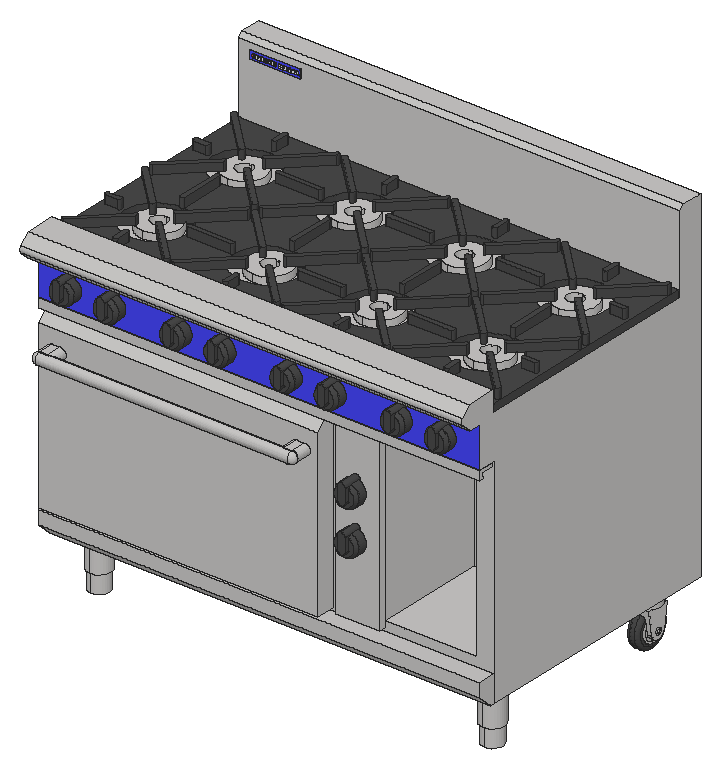
Revit family "QF_MOFFAT_BLUESEAL_CE_GE508D", category Specialty Equipment, Revit 2012
Parameters
  Width = 1200 mm
  Weight in Pounds = 485
  Watts = 6500 W
  Volts = 400 V
  URL Cutsheet = "www.moffat.com"
  URL = "www.moffat.com"
  Type Mark [instance] = ""
  Status [instance] = ""
  Specification by User [instance] = ""
  Specification by Manufacturer = ""
  Show Logo [instance] = yes
  Show Clearance [instance] = yes
  Show Casters [instance] = yes
  Serial Number = ""
  Seismic Rating = ""
  SMACNA No = ""
  Revision Code [instance] = ""
  Phase = 3
  Omniclass Number and Title = ""
  Number of Poles [instance] = 1
  NAFEM Spec ID Number = ""
  Model = "GE508D"
  Min Ckt Ampacity = 0 A
  Mechanical Remarks = ""
  Mechanical Connection Type [instance] = ""
  Max Overcurrent Protection = 0 A
  Masterspec = ""
  Manufacturer = "MOFFAT BLUESEAL"
  Legs [instance] = not(Show Casters)  # no
  Item Number [instance] = ""
  Installed By [instance] = ""
  Identify Quantity as Lot [instance] = yes
  Height = 970 mm
  HP = ""
  Gas Size = 3/4"
  Gas RI Height [instance] = 0 mm
  Gas KW [instance] = 56
  Gas Input [instance] = 192500.0 Btu/h
  Gas Connection Height = 0 mm
  Furnished By [instance] = ""
  Foodservice Equipment Identifier [instance] = yes
  FL Amps = 9.4 A
  Electrical Remarks = "9.4A PER PHASE"
  Electric Connection Type = ""
  Elec Conn RI Height = 0 mm
  Elec Conn Connection Height = 0 mm
  Description = "1200MM GAS RANGE WITH ELECTRIC STATIC OVEN"
  Depth = 812 mm
  Cycle = 50 Hz
  Conn Plug = ""
  Conn Conduit = yes
  CSI MasterFormat = ""
  CSI Master Format = ""
  Body Finish = QF_Finishes_Stainless Steel
  Apparent Power = 0 VA
Reference planes
  plane 1 "BACK": y = 0
  plane 2: z = 0
  plane 3 "LEFT": x = 0
  plane 4 "RIGHT": x = 1200
  plane 5 "FRONT": y = -812
  plane 6 "TOP": z = 970
  plane 7 "Center Y": x = 600
  plane 8 "Center X": y = -406
  plane 9: x = 280
  plane 10: y = -574.272
  plane 11: x = 60
  plane 12: y = -304.972
  plane 13: y = -364.972
  plane 14: x = 74
  plane 15: y = -812
  plane 16: x = 1134.5
  plane 17: y = -32
  plane 18: z = 655
  plane 19: x = 65.5
  plane 20: x = 65.8
  plane 21: z = 1085
  plane 22: y = -705
  plane 23: y = -100
Forms (mm)
  Extrusion 1, solid, material "QF_Finishes_Stainless Steel" <- "Body Finish"
    sketch origin (0, 0, 0) x (0, 1, 0) y (0, 0, 1)
      loop
        line (0, 150) -> (0, 1085) -> (-57.5, 1085) -> (-70, 1072.5) -> (-70, 861.8) -> (-705, 861.8) -> (-705, 915) -> (-783.97, 915) -> (-808.49, 890.48)
        arc (-808.49, 890.48) -> (-812.002, 882) -> (-808.49, 873.52) r 11.993
        line (-808.49, 873.52) -> (-784.97, 850) -> (-749, 850) -> (-749, 740) -> (-699, 740) -> (-699, 150) -> (0, 150)
      loop
        line (-749, 222.5) -> (-749, 186) -> (-713, 150) -> (-703.2, 150) -> (-703.2, 222.5) -> (-749, 222.5)
      loop
        line (-749, 713.781) -> (-740.224, 713.781) -> (-742.613, 730.781) -> (-707.93, 730.781) -> (-707.93, 737.784) -> (-749, 737.784) -> (-749, 713.781)
    from 0 to 1200
  Extrusion 2, solid, material "QF_Finishes_Stainless Steel"
    sketch origin (0, 7, 0) x (0, 1, 0) y (0, 0, 1)
      loop
        line (-706, 700) -> (-732, 700) -> (-756, 676) -> (-756, 227.5) -> (-706, 227.5) -> (-706, 700)
    from 0 to 760
  Extrusion 3, solid, material "QF_Finishes_Stainless Steel"
    sketch origin (723.5, 7, 0) x (0, 1, 0) y (0, 0, 1)
      loop
        line (-706, 700) -> (-721, 700) -> (-721, 227.5) -> (-706, 227.5) -> (-706, 700)
    from 56.898 to 176.5
  Revolve 4, solid, material "QF_Finishes_Stainless Steel" <- "Body Finish"
    sketch origin (1134.5, -696.126, 0) x (0, 1, 0) y (0, 0, -1)
      loop
        line (39.376, -150) -> (71.126, -150) -> (71.126, 0) -> (43.626, 0) -> (43.626, -50) -> (39.376, -50) -> (39.376, -150)
      axis (71.126, -150) -> (71.126, 0)
    angle from 0 to 360
  Revolve 5, solid, material "QF_Finishes_Stainless Steel" <- "Body Finish"
    sketch origin (65.5, -696.126, 0) x (0, 1, 0) y (0, 0, 1)
      loop
        line (39.376, 150) -> (39.376, 50) -> (43.626, 50) -> (43.626, 0) -> (71.126, 0) -> (71.126, 150) -> (39.376, 150)
      axis (71.126, 150) -> (71.126, 0)
    angle from 0 to 360
  Extrusion 6, solid, material "QF_Finishes_Stainless Steel"
    sketch origin (-64.5, 0, 325) x (1, 0, 0) y (0, 1, 0)
      loop
        circle (1134.5, -32) r 10
    from 330 to 374.856
  Extrusion 7, void
    sketch origin (0, -699, 150) x (0, 0, -1) y (-1, 0, 0)
      loop
        line (-529.781, -900) -> (-529.781, -1150) -> (-96, -1150) -> (-96, -900) -> (-529.781, -900)
    from 0 to 304.8
  Extrusion 8, solid, material "QF_Finishes_Black"
    sketch origin (0, -70, 861.8) x (0, -1, 0) y (1, 0, 0)
      loop
        arc (1, 4) -> (1.879, 1.879) -> (4, 1) r 3
        line (4, 1) -> (632, 1)
        arc (632, 1) -> (634.121, 1.879) -> (635, 4) r 3
        line (635, 4) -> (635, 1197)
        arc (635, 1197) -> (634.121, 1199.121) -> (632, 1200) r 3
        line (632, 1200) -> (4, 1200)
        arc (4, 1200) -> (1.879, 1199.121) -> (1, 1197) r 3
        line (1, 1197) -> (1, 4)
      loop
        circle (167.5, 150) r 85
      loop
        circle (167.5, 450) r 85
      loop
        circle (467.768, 150) r 85
      loop
        circle (467.768, 450) r 85
      loop
        circle (167.5, 750) r 85
      loop
        circle (467.768, 750) r 85
      loop
        circle (167.5, 1050) r 85
      loop
        circle (467.768, 1050) r 85
    from 0 to 19.5
  Extrusion 9, solid, material "QF_Finishes_Black"
    sketch origin (0, -70, 881.3) x (0, -1, 0) y (1, 0, 0)
      loop
        spline (327.102, 15.153) -> (326.181, 13.924) -> (325.631, 12.47) -> (325.49, 10.89) -> (325.767, 9.292) -> (326.443, 7.786) -> (327.473, 6.473) -> (328.786, 5.443) -> (330.292, 4.767) -> (331.89, 4.49) -> (333.47, 4.631) -> (334.924, 5.181) -> (336.153, 6.102)
        line (336.153, 6.102) -> (444.076, 114.025)
        spline (444.076, 114.025) -> (444.837, 115.095) -> (445.238, 116.399) -> (445.251, 117.851) -> (444.875, 119.35) -> (444.137, 120.795) -> (443.086, 122.086) -> (441.795, 123.137) -> (440.35, 123.875) -> (438.851, 124.251) -> (437.399, 124.238) -> (436.095, 123.837) -> (435.025, 123.076)
        line (435.025, 123.076) -> (327.102, 15.153)
      loop
        line (611.398, 15.153) -> (503.475, 123.076)
        spline (503.475, 123.076) -> (502.405, 123.837) -> (501.101, 124.238) -> (499.649, 124.251) -> (498.15, 123.875) -> (496.705, 123.137) -> (495.414, 122.086) -> (494.363, 120.795) -> (493.625, 119.35) -> (493.249, 117.851) -> (493.262, 116.399) -> (493.663, 115.095) -> (494.424, 114.025)
        line (494.424, 114.025) -> (602.347, 6.102)
        spline (602.347, 6.102) -> (603.416, 5.341) -> (604.721, 4.941) -> (606.172, 4.928) -> (607.671, 5.303) -> (609.116, 6.041) -> (610.408, 7.092) -> (611.459, 8.384) -> (612.197, 9.829) -> (612.572, 11.328) -> (612.559, 12.779) -> (612.159, 14.084) -> (611.398, 15.153)
      loop
        spline (379.102, 143.6) -> (380.396, 143.818) -> (381.602, 144.457) -> (382.638, 145.475) -> (383.432, 146.8) -> (383.932, 148.344) -> (384.102, 150) -> (383.932, 151.656) -> (383.432, 153.2) -> (382.638, 154.525) -> (381.602, 155.543) -> (380.396, 156.182) -> (379.102, 156.4)
        line (379.102, 156.4) -> (259.398, 156.4)
        spline (259.398, 156.4) -> (258.104, 156.182) -> (256.898, 155.543) -> (255.862, 154.525) -> (255.068, 153.2) -> (254.568, 151.656) -> (254.398, 150) -> (254.568, 148.344) -> (255.068, 146.8) -> (255.862, 145.475) -> (256.898, 144.457) -> (258.104, 143.818) -> (259.398, 143.6)
        line (259.398, 143.6) -> (379.102, 143.6)
      loop
        spline (23.602, 15.153) -> (22.681, 13.924) -> (22.131, 12.47) -> (21.99, 10.89) -> (22.267, 9.292) -> (22.943, 7.786) -> (23.973, 6.473) -> (25.286, 5.443) -> (26.792, 4.767) -> (28.39, 4.49) -> (29.97, 4.631) -> (31.424, 5.181) -> (32.653, 6.102)
        line (32.653, 6.102) -> (140.576, 114.025)
        spline (140.576, 114.025) -> (141.337, 115.095) -> (141.738, 116.399) -> (141.751, 117.851) -> (141.375, 119.35) -> (140.637, 120.795) -> (139.586, 122.086) -> (138.295, 123.137) -> (136.85, 123.875) -> (135.351, 124.251) -> (133.899, 124.238) -> (132.595, 123.837) -> (131.525, 123.076)
        line (131.525, 123.076) -> (23.602, 15.153)
      loop
        line (311.398, 15.153) -> (203.475, 123.076)
        spline (203.475, 123.076) -> (202.405, 123.837) -> (201.101, 124.238) -> (199.649, 124.251) -> (198.15, 123.875) -> (196.705, 123.137) -> (195.414, 122.086) -> (194.363, 120.795) -> (193.625, 119.35) -> (193.249, 117.851) -> (193.262, 116.399) -> (193.663, 115.095) -> (194.424, 114.025)
        line (194.424, 114.025) -> (302.347, 6.102)
        spline (302.347, 6.102) -> (303.416, 5.341) -> (304.721, 4.941) -> (306.172, 4.928) -> (307.671, 5.303) -> (309.116, 6.041) -> (310.408, 7.092) -> (311.459, 8.384) -> (312.197, 9.829) -> (312.572, 11.328) -> (312.559, 12.779) -> (312.159, 14.084) -> (311.398, 15.153)
      loop
        line (327.102, 284.847) -> (435.025, 176.924)
        spline (435.025, 176.924) -> (436.095, 176.163) -> (437.399, 175.762) -> (438.851, 175.749) -> (440.35, 176.125) -> (441.795, 176.863) -> (443.086, 177.914) -> (444.137, 179.205) -> (444.875, 180.65) -> (445.251, 182.149) -> (445.238, 183.601) -> (444.837, 184.905) -> (444.076, 185.975)
        line (444.076, 185.975) -> (336.153, 293.898)
        spline (336.153, 293.898) -> (334.924, 294.819) -> (333.47, 295.369) -> (331.89, 295.51) -> (330.292, 295.233) -> (328.786, 294.557) -> (327.473, 293.527) -> (326.443, 292.214) -> (325.767, 290.708) -> (325.49, 289.11) -> (325.631, 287.53) -> (326.181, 286.076) -> (327.102, 284.847)
      loop
        spline (611.398, 284.847) -> (612.159, 285.916) -> (612.559, 287.221) -> (612.572, 288.672) -> (612.197, 290.171) -> (611.459, 291.616) -> (610.408, 292.908) -> (609.116, 293.959) -> (607.671, 294.697) -> (606.172, 295.072) -> (604.721, 295.059) -> (603.416, 294.659) -> (602.347, 293.898)
        line (602.347, 293.898) -> (494.424, 185.975)
        spline (494.424, 185.975) -> (493.663, 184.905) -> (493.262, 183.601) -> (493.249, 182.149) -> (493.625, 180.65) -> (494.363, 179.205) -> (495.414, 177.914) -> (496.705, 176.863) -> (498.15, 176.125) -> (499.649, 175.749) -> (501.101, 175.762) -> (502.405, 176.163) -> (503.475, 176.924)
        line (503.475, 176.924) -> (611.398, 284.847)
      loop
        spline (461.1, 241.898) -> (461.318, 240.604) -> (461.957, 239.398) -> (462.975, 238.362) -> (464.3, 237.568) -> (465.844, 237.068) -> (467.5, 236.898) -> (469.156, 237.068) -> (470.7, 237.568) -> (472.025, 238.362) -> (473.043, 239.398) -> (473.682, 240.604) -> (473.9, 241.898)
        line (473.9, 241.898) -> (473.9, 358.102)
        spline (473.9, 358.102) -> (473.682, 359.396) -> (473.043, 360.602) -> (472.025, 361.638) -> (470.7, 362.432) -> (469.156, 362.932) -> (467.5, 363.102) -> (465.844, 362.932) -> (464.3, 362.432) -> (462.975, 361.638) -> (461.957, 360.602) -> (461.318, 359.396) -> (461.1, 358.102)
        line (461.1, 358.102) -> (461.1, 241.898)
      loop
        line (23.602, 284.847) -> (131.525, 176.924)
        spline (131.525, 176.924) -> (132.595, 176.163) -> (133.899, 175.762) -> (135.351, 175.749) -> (136.85, 176.125) -> (138.295, 176.863) -> (139.586, 177.914) -> (140.637, 179.205) -> (141.375, 180.65) -> (141.751, 182.149) -> (141.738, 183.601) -> (141.337, 184.905) -> (140.576, 185.975)
        line (140.576, 185.975) -> (32.653, 293.898)
        spline (32.653, 293.898) -> (31.424, 294.819) -> (29.97, 295.369) -> (28.39, 295.51) -> (26.792, 295.233) -> (25.286, 294.557) -> (23.973, 293.527) -> (22.943, 292.214) -> (22.267, 290.708) -> (21.99, 289.11) -> (22.131, 287.53) -> (22.681, 286.076) -> (23.602, 284.847)
      loop
        spline (311.398, 284.847) -> (312.159, 285.916) -> (312.559, 287.221) -> (312.572, 288.672) -> (312.197, 290.171) -> (311.459, 291.616) -> (310.408, 292.908) -> (309.116, 293.959) -> (307.671, 294.697) -> (306.172, 295.072) -> (304.721, 295.059) -> (303.416, 294.659) -> (302.347, 293.898)
        line (302.347, 293.898) -> (194.424, 185.975)
        spline (194.424, 185.975) -> (193.663, 184.905) -> (193.262, 183.601) -> (193.249, 182.149) -> (193.625, 180.65) -> (194.363, 179.205) -> (195.414, 177.914) -> (196.705, 176.863) -> (198.15, 176.125) -> (199.649, 175.749) -> (201.101, 175.762) -> (202.405, 176.163) -> (203.475, 176.924)
        line (203.475, 176.924) -> (311.398, 284.847)
      loop
        spline (161.1, 241.898) -> (161.318, 240.604) -> (161.957, 239.398) -> (162.975, 238.362) -> (164.3, 237.568) -> (165.844, 237.068) -> (167.5, 236.898) -> (169.156, 237.068) -> (170.7, 237.568) -> (172.025, 238.362) -> (173.043, 239.398) -> (173.682, 240.604) -> (173.9, 241.898)
        line (173.9, 241.898) -> (173.9, 358.102)
        spline (173.9, 358.102) -> (173.682, 359.396) -> (173.043, 360.602) -> (172.025, 361.638) -> (170.7, 362.432) -> (169.156, 362.932) -> (167.5, 363.102) -> (165.844, 362.932) -> (164.3, 362.432) -> (162.975, 361.638) -> (161.957, 360.602) -> (161.318, 359.396) -> (161.1, 358.102)
        line (161.1, 358.102) -> (161.1, 241.898)
      loop
        line (379.102, 456.4) -> (259.398, 456.4)
        spline (259.398, 456.4) -> (258.104, 456.182) -> (256.898, 455.543) -> (255.862, 454.525) -> (255.068, 453.2) -> (254.568, 451.656) -> (254.398, 450) -> (254.568, 448.344) -> (255.068, 446.8) -> (255.862, 445.475) -> (256.898, 444.457) -> (258.104, 443.818) -> (259.398, 443.6)
        line (259.398, 443.6) -> (379.102, 443.6)
        spline (379.102, 443.6) -> (380.396, 443.818) -> (381.602, 444.457) -> (382.638, 445.475) -> (383.432, 446.8) -> (383.932, 448.344) -> (384.102, 450) -> (383.932, 451.656) -> (383.432, 453.2) -> (382.638, 454.525) -> (381.602, 455.543) -> (380.396, 456.182) -> (379.102, 456.4)
      loop
        spline (327.102, 315.153) -> (326.181, 313.924) -> (325.631, 312.47) -> (325.49, 310.89) -> (325.767, 309.292) -> (326.443, 307.786) -> (327.473, 306.473) -> (328.786, 305.443) -> (330.292, 304.767) -> (331.89, 304.49) -> (333.47, 304.631) -> (334.924, 305.181) -> (336.153, 306.102)
        line (336.153, 306.102) -> (444.076, 414.025)
        spline (444.076, 414.025) -> (444.837, 415.095) -> (445.238, 416.399) -> (445.251, 417.851) -> (444.875, 419.35) -> (444.137, 420.795) -> (443.086, 422.086) -> (441.795, 423.137) -> (440.35, 423.875) -> (438.851, 424.251) -> (437.399, 424.238) -> (436.095, 423.837) -> (435.025, 423.076)
        line (435.025, 423.076) -> (327.102, 315.153)
      loop
        line (611.398, 315.153) -> (503.475, 423.076)
        spline (503.475, 423.076) -> (502.405, 423.837) -> (501.101, 424.238) -> (499.649, 424.251) -> (498.15, 423.875) -> (496.705, 423.137) -> (495.414, 422.086) -> (494.363, 420.795) -> (493.625, 419.35) -> (493.249, 417.851) -> (493.262, 416.399) -> (493.663, 415.095) -> (494.424, 414.025)
        line (494.424, 414.025) -> (602.347, 306.102)
        spline (602.347, 306.102) -> (603.416, 305.341) -> (604.721, 304.941) -> (606.172, 304.928) -> (607.671, 305.303) -> (609.116, 306.041) -> (610.408, 307.092) -> (611.459, 308.384) -> (612.197, 309.829) -> (612.572, 311.328) -> (612.559, 312.779) -> (612.159, 314.084) -> (611.398, 315.153)
      loop
        spline (23.602, 315.153) -> (22.681, 313.924) -> (22.131, 312.47) -> (21.99, 310.89) -> (22.267, 309.292) -> (22.943, 307.786) -> (23.973, 306.473) -> (25.286, 305.443) -> (26.792, 304.767) -> (28.39, 304.49) -> (29.97, 304.631) -> (31.424, 305.181) -> (32.653, 306.102)
        line (32.653, 306.102) -> (140.576, 414.025)
        spline (140.576, 414.025) -> (141.337, 415.095) -> (141.738, 416.399) -> (141.751, 417.851) -> (141.375, 419.35) -> (140.637, 420.795) -> (139.586, 422.086) -> (138.295, 423.137) -> (136.85, 423.875) -> (135.351, 424.251) -> (133.899, 424.238) -> (132.595, 423.837) -> (131.525, 423.076)
        line (131.525, 423.076) -> (23.602, 315.153)
      loop
        line (311.398, 315.153) -> (203.475, 423.076)
        spline (203.475, 423.076) -> (202.405, 423.837) -> (201.101, 424.238) -> (199.649, 424.251) -> (198.15, 423.875) -> (196.705, 423.137) -> (195.414, 422.086) -> (194.363, 420.795) -> (193.625, 419.35) -> (193.249, 417.851) -> (193.262, 416.399) -> (193.663, 415.095) -> (194.424, 414.025)
        line (194.424, 414.025) -> (302.347, 306.102)
        spline (302.347, 306.102) -> (303.416, 305.341) -> (304.721, 304.941) -> (306.172, 304.928) -> (307.671, 305.303) -> (309.116, 306.041) -> (310.408, 307.092) -> (311.459, 308.384) -> (312.197, 309.829) -> (312.572, 311.328) -> (312.559, 312.779) -> (312.159, 314.084) -> (311.398, 315.153)
      loop
        line (327.102, 584.847) -> (435.025, 476.924)
        spline (435.025, 476.924) -> (436.095, 476.163) -> (437.399, 475.762) -> (438.851, 475.749) -> (440.35, 476.125) -> (441.795, 476.863) -> (443.086, 477.914) -> (444.137, 479.205) -> (444.875, 480.65) -> (445.251, 482.149) -> (445.238, 483.601) -> (444.837, 484.905) -> (444.076, 485.975)
        line (444.076, 485.975) -> (336.153, 593.898)
        spline (336.153, 593.898) -> (334.924, 594.819) -> (333.47, 595.369) -> (331.89, 595.51) -> (330.292, 595.233) -> (328.786, 594.557) -> (327.473, 593.527) -> (326.443, 592.214) -> (325.767, 590.708) -> (325.49, 589.11) -> (325.631, 587.53) -> (326.181, 586.076) -> (327.102, 584.847)
      loop
        spline (611.398, 584.847) -> (612.159, 585.916) -> (612.559, 587.221) -> (612.572, 588.672) -> (612.197, 590.171) -> (611.459, 591.616) -> (610.408, 592.908) -> (609.116, 593.959) -> (607.671, 594.697) -> (606.172, 595.072) -> (604.721, 595.059) -> (603.416, 594.659) -> (602.347, 593.898)
        line (602.347, 593.898) -> (494.424, 485.975)
        spline (494.424, 485.975) -> (493.663, 484.905) -> (493.262, 483.601) -> (493.249, 482.149) -> (493.625, 480.65) -> (494.363, 479.205) -> (495.414, 477.914) -> (496.705, 476.863) -> (498.15, 476.125) -> (499.649, 475.749) -> (501.101, 475.762) -> (502.405, 476.163) -> (503.475, 476.924)
        line (503.475, 476.924) -> (611.398, 584.847)
      loop
        line (23.602, 584.847) -> (131.525, 476.924)
        spline (131.525, 476.924) -> (132.595, 476.163) -> (133.899, 475.762) -> (135.351, 475.749) -> (136.85, 476.125) -> (138.295, 476.863) -> (139.586, 477.914) -> (140.637, 479.205) -> (141.375, 480.65) -> (141.751, 482.149) -> (141.738, 483.601) -> (141.337, 484.905) -> (140.576, 485.975)
        line (140.576, 485.975) -> (32.653, 593.898)
        spline (32.653, 593.898) -> (31.424, 594.819) -> (29.97, 595.369) -> (28.39, 595.51) -> (26.792, 595.233) -> (25.286, 594.557) -> (23.973, 593.527) -> (22.943, 592.214) -> (22.267, 590.708) -> (21.99, 589.11) -> (22.131, 587.53) -> (22.681, 586.076) -> (23.602, 584.847)
      loop
        spline (311.398, 584.847) -> (312.159, 585.916) -> (312.559, 587.221) -> (312.572, 588.672) -> (312.197, 590.171) -> (311.459, 591.616) -> (310.408, 592.908) -> (309.116, 593.959) -> (307.671, 594.697) -> (306.172, 595.072) -> (304.721, 595.059) -> (303.416, 594.659) -> (302.347, 593.898)
        line (302.347, 593.898) -> (194.424, 485.975)
        spline (194.424, 485.975) -> (193.663, 484.905) -> (193.262, 483.601) -> (193.249, 482.149) -> (193.625, 480.65) -> (194.363, 479.205) -> (195.414, 477.914) -> (196.705, 476.863) -> (198.15, 476.125) -> (199.649, 475.749) -> (201.101, 475.762) -> (202.405, 476.163) -> (203.475, 476.924)
        line (203.475, 476.924) -> (311.398, 584.847)
      loop
        spline (461.1, 541.898) -> (461.318, 540.604) -> (461.957, 539.398) -> (462.975, 538.362) -> (464.3, 537.568) -> (465.844, 537.068) -> (467.5, 536.898) -> (469.156, 537.068) -> (470.7, 537.568) -> (472.025, 538.362) -> (473.043, 539.398) -> (473.682, 540.604) -> (473.9, 541.898)
        line (473.9, 541.898) -> (473.9, 658.102)
        spline (473.9, 658.102) -> (473.682, 659.396) -> (473.043, 660.602) -> (472.025, 661.638) -> (470.7, 662.432) -> (469.156, 662.932) -> (467.5, 663.102) -> (465.844, 662.932) -> (464.3, 662.432) -> (462.975, 661.638) -> (461.957, 660.602) -> (461.318, 659.396) -> (461.1, 658.102)
        line (461.1, 658.102) -> (461.1, 541.898)
      loop
        spline (161.1, 541.898) -> (161.318, 540.604) -> (161.957, 539.398) -> (162.975, 538.362) -> (164.3, 537.568) -> (165.844, 537.068) -> (167.5, 536.898) -> (169.156, 537.068) -> (170.7, 537.568) -> (172.025, 538.362) -> (173.043, 539.398) -> (173.682, 540.604) -> (173.9, 541.898)
        line (173.9, 541.898) -> (173.9, 658.102)
        spline (173.9, 658.102) -> (173.682, 659.396) -> (173.043, 660.602) -> (172.025, 661.638) -> (170.7, 662.432) -> (169.156, 662.932) -> (167.5, 663.102) -> (165.844, 662.932) -> (164.3, 662.432) -> (162.975, 661.638) -> (161.957, 660.602) -> (161.318, 659.396) -> (161.1, 658.102)
        line (161.1, 658.102) -> (161.1, 541.898)
      loop
        line (379.102, 756.4) -> (259.398, 756.4)
        spline (259.398, 756.4) -> (258.104, 756.182) -> (256.898, 755.543) -> (255.862, 754.525) -> (255.068, 753.2) -> (254.568, 751.656) -> (254.398, 750) -> (254.568, 748.344) -> (255.068, 746.8) -> (255.862, 745.475) -> (256.898, 744.457) -> (258.104, 743.818) -> (259.398, 743.6)
        line (259.398, 743.6) -> (379.102, 743.6)
        spline (379.102, 743.6) -> (380.396, 743.818) -> (381.602, 744.457) -> (382.638, 745.475) -> (383.432, 746.8) -> (383.932, 748.344) -> (384.102, 750) -> (383.932, 751.656) -> (383.432, 753.2) -> (382.638, 754.525) -> (381.602, 755.543) -> (380.396, 756.182) -> (379.102, 756.4)
      loop
        spline (327.102, 615.153) -> (326.181, 613.924) -> (325.631, 612.47) -> (325.49, 610.89) -> (325.767, 609.292) -> (326.443, 607.786) -> (327.473, 606.473) -> (328.786, 605.443) -> (330.292, 604.767) -> (331.89, 604.49) -> (333.47, 604.631) -> (334.924, 605.181) -> (336.153, 606.102)
        line (336.153, 606.102) -> (444.076, 714.025)
        spline (444.076, 714.025) -> (444.837, 715.095) -> (445.238, 716.399) -> (445.251, 717.851) -> (444.875, 719.35) -> (444.137, 720.795) -> (443.086, 722.086) -> (441.795, 723.137) -> (440.35, 723.875) -> (438.851, 724.251) -> (437.399, 724.238) -> (436.095, 723.837) -> (435.025, 723.076)
        line (435.025, 723.076) -> (327.102, 615.153)
      loop
        line (611.398, 615.153) -> (503.475, 723.076)
        spline (503.475, 723.076) -> (502.405, 723.837) -> (501.101, 724.238) -> (499.649, 724.251) -> (498.15, 723.875) -> (496.705, 723.137) -> (495.414, 722.086) -> (494.363, 720.795) -> (493.625, 719.35) -> (493.249, 717.851) -> (493.262, 716.399) -> (493.663, 715.095) -> (494.424, 714.025)
        line (494.424, 714.025) -> (602.347, 606.102)
        spline (602.347, 606.102) -> (603.416, 605.341) -> (604.721, 604.941) -> (606.172, 604.928) -> (607.671, 605.303) -> (609.116, 606.041) -> (610.408, 607.092) -> (611.459, 608.384) -> (612.197, 609.829) -> (612.572, 611.328) -> (612.559, 612.779) -> (612.159, 614.084) -> (611.398, 615.153)
      loop
        spline (23.602, 615.153) -> (22.681, 613.924) -> (22.131, 612.47) -> (21.99, 610.89) -> (22.267, 609.292) -> (22.943, 607.786) -> (23.973, 606.473) -> (25.286, 605.443) -> (26.792, 604.767) -> (28.39, 604.49) -> (29.97, 604.631) -> (31.424, 605.181) -> (32.653, 606.102)
        line (32.653, 606.102) -> (140.576, 714.025)
        spline (140.576, 714.025) -> (141.337, 715.095) -> (141.738, 716.399) -> (141.751, 717.851) -> (141.375, 719.35) -> (140.637, 720.795) -> (139.586, 722.086) -> (138.295, 723.137) -> (136.85, 723.875) -> (135.351, 724.251) -> (133.899, 724.238) -> (132.595, 723.837) -> (131.525, 723.076)
        line (131.525, 723.076) -> (23.602, 615.153)
      loop
        line (311.398, 615.153) -> (203.475, 723.076)
        spline (203.475, 723.076) -> (202.405, 723.837) -> (201.101, 724.238) -> (199.649, 724.251) -> (198.15, 723.875) -> (196.705, 723.137) -> (195.414, 722.086) -> (194.363, 720.795) -> (193.625, 719.35) -> (193.249, 717.851) -> (193.262, 716.399) -> (193.663, 715.095) -> (194.424, 714.025)
        line (194.424, 714.025) -> (302.347, 606.102)
        spline (302.347, 606.102) -> (303.416, 605.341) -> (304.721, 604.941) -> (306.172, 604.928) -> (307.671, 605.303) -> (309.116, 606.041) -> (310.408, 607.092) -> (311.459, 608.384) -> (312.197, 609.829) -> (312.572, 611.328) -> (312.559, 612.779) -> (312.159, 614.084) -> (311.398, 615.153)
      loop
        line (327.102, 884.847) -> (435.025, 776.924)
        spline (435.025, 776.924) -> (436.095, 776.163) -> (437.399, 775.762) -> (438.851, 775.749) -> (440.35, 776.125) -> (441.795, 776.863) -> (443.086, 777.914) -> (444.137, 779.205) -> (444.875, 780.65) -> (445.251, 782.149) -> (445.238, 783.601) -> (444.837, 784.905) -> (444.076, 785.975)
        line (444.076, 785.975) -> (336.153, 893.898)
        spline (336.153, 893.898) -> (334.924, 894.819) -> (333.47, 895.369) -> (331.89, 895.51) -> (330.292, 895.233) -> (328.786, 894.557) -> (327.473, 893.527) -> (326.443, 892.214) -> (325.767, 890.708) -> (325.49, 889.11) -> (325.631, 887.53) -> (326.181, 886.076) -> (327.102, 884.847)
      loop
        spline (611.398, 884.847) -> (612.159, 885.916) -> (612.559, 887.221) -> (612.572, 888.672) -> (612.197, 890.171) -> (611.459, 891.616) -> (610.408, 892.908) -> (609.116, 893.959) -> (607.671, 894.697) -> (606.172, 895.072) -> (604.721, 895.059) -> (603.416, 894.659) -> (602.347, 893.898)
        line (602.347, 893.898) -> (494.424, 785.975)
        spline (494.424, 785.975) -> (493.663, 784.905) -> (493.262, 783.601) -> (493.249, 782.149) -> (493.625, 780.65) -> (494.363, 779.205) -> (495.414, 777.914) -> (496.705, 776.863) -> (498.15, 776.125) -> (499.649, 775.749) -> (501.101, 775.762) -> (502.405, 776.163) -> (503.475, 776.924)
        line (503.475, 776.924) -> (611.398, 884.847)
      loop
        line (23.602, 884.847) -> (131.525, 776.924)
        spline (131.525, 776.924) -> (132.595, 776.163) -> (133.899, 775.762) -> (135.351, 775.749) -> (136.85, 776.125) -> (138.295, 776.863) -> (139.586, 777.914) -> (140.637, 779.205) -> (141.375, 780.65) -> (141.751, 782.149) -> (141.738, 783.601) -> (141.337, 784.905) -> (140.576, 785.975)
        line (140.576, 785.975) -> (32.653, 893.898)
        spline (32.653, 893.898) -> (31.424, 894.819) -> (29.97, 895.369) -> (28.39, 895.51) -> (26.792, 895.233) -> (25.286, 894.557) -> (23.973, 893.527) -> (22.943, 892.214) -> (22.267, 890.708) -> (21.99, 889.11) -> (22.131, 887.53) -> (22.681, 886.076) -> (23.602, 884.847)
      loop
        spline (311.398, 884.847) -> (312.159, 885.916) -> (312.559, 887.221) -> (312.572, 888.672) -> (312.197, 890.171) -> (311.459, 891.616) -> (310.408, 892.908) -> (309.116, 893.959) -> (307.671, 894.697) -> (306.172, 895.072) -> (304.721, 895.059) -> (303.416, 894.659) -> (302.347, 893.898)
        line (302.347, 893.898) -> (194.424, 785.975)
        spline (194.424, 785.975) -> (193.663, 784.905) -> (193.262, 783.601) -> (193.249, 782.149) -> (193.625, 780.65) -> (194.363, 779.205) -> (195.414, 777.914) -> (196.705, 776.863) -> (198.15, 776.125) -> (199.649, 775.749) -> (201.101, 775.762) -> (202.405, 776.163) -> (203.475, 776.924)
        line (203.475, 776.924) -> (311.398, 884.847)
      loop
        line (327.102, 1184.847) -> (435.025, 1076.924)
        spline (435.025, 1076.924) -> (436.095, 1076.163) -> (437.399, 1075.762) -> (438.851, 1075.749) -> (440.35, 1076.125) -> (441.795, 1076.863) -> (443.086, 1077.914) -> (444.137, 1079.205) -> (444.875, 1080.65) -> (445.251, 1082.149) -> (445.238, 1083.601) -> (444.837, 1084.905) -> (444.076, 1085.975)
        line (444.076, 1085.975) -> (336.153, 1193.898)
        spline (336.153, 1193.898) -> (334.924, 1194.819) -> (333.47, 1195.369) -> (331.89, 1195.51) -> (330.292, 1195.233) -> (328.786, 1194.557) -> (327.473, 1193.527) -> (326.443, 1192.214) -> (325.767, 1190.708) -> (325.49, 1189.11) -> (325.631, 1187.53) -> (326.181, 1186.076) -> (327.102, 1184.847)
      loop
        spline (611.398, 1184.847) -> (612.159, 1185.916) -> (612.559, 1187.221) -> (612.572, 1188.672) -> (612.197, 1190.171) -> (611.459, 1191.616) -> (610.408, 1192.908) -> (609.116, 1193.959) -> (607.671, 1194.697) -> (606.172, 1195.072) -> (604.721, 1195.059) -> (603.416, 1194.659) -> (602.347, 1193.898)
        line (602.347, 1193.898) -> (494.424, 1085.975)
        spline (494.424, 1085.975) -> (493.663, 1084.905) -> (493.262, 1083.601) -> (493.249, 1082.149) -> (493.625, 1080.65) -> (494.363, 1079.205) -> (495.414, 1077.914) -> (496.705, 1076.863) -> (498.15, 1076.125) -> (499.649, 1075.749) -> (501.101, 1075.762) -> (502.405, 1076.163) -> (503.475, 1076.924)
        line (503.475, 1076.924) -> (611.398, 1184.847)
      loop
        line (379.102, 1056.4) -> (259.398, 1056.4)
        spline (259.398, 1056.4) -> (258.104, 1056.182) -> (256.898, 1055.543) -> (255.862, 1054.525) -> (255.068, 1053.2) -> (254.568, 1051.656) -> (254.398, 1050) -> (254.568, 1048.344) -> (255.068, 1046.8) -> (255.862, 1045.475) -> (256.898, 1044.457) -> (258.104, 1043.818) -> (259.398, 1043.6)
        line (259.398, 1043.6) -> (379.102, 1043.6)
        spline (379.102, 1043.6) -> (380.396, 1043.818) -> (381.602, 1044.457) -> (382.638, 1045.475) -> (383.432, 1046.8) -> (383.932, 1048.344) -> (384.102, 1050) -> (383.932, 1051.656) -> (383.432, 1053.2) -> (382.638, 1054.525) -> (381.602, 1055.543) -> (380.396, 1056.182) -> (379.102, 1056.4)
      loop
        line (23.602, 1184.847) -> (131.525, 1076.924)
        spline (131.525, 1076.924) -> (132.595, 1076.163) -> (133.899, 1075.762) -> (135.351, 1075.749) -> (136.85, 1076.125) -> (138.295, 1076.863) -> (139.586, 1077.914) -> (140.637, 1079.205) -> (141.375, 1080.65) -> (141.751, 1082.149) -> (141.738, 1083.601) -> (141.337, 1084.905) -> (140.576, 1085.975)
        line (140.576, 1085.975) -> (32.653, 1193.898)
        spline (32.653, 1193.898) -> (31.424, 1194.819) -> (29.97, 1195.369) -> (28.39, 1195.51) -> (26.792, 1195.233) -> (25.286, 1194.557) -> (23.973, 1193.527) -> (22.943, 1192.214) -> (22.267, 1190.708) -> (21.99, 1189.11) -> (22.131, 1187.53) -> (22.681, 1186.076) -> (23.602, 1184.847)
      loop
        spline (311.398, 1184.847) -> (312.159, 1185.916) -> (312.559, 1187.221) -> (312.572, 1188.672) -> (312.197, 1190.171) -> (311.459, 1191.616) -> (310.408, 1192.908) -> (309.116, 1193.959) -> (307.671, 1194.697) -> (306.172, 1195.072) -> (304.721, 1195.059) -> (303.416, 1194.659) -> (302.347, 1193.898)
        line (302.347, 1193.898) -> (194.424, 1085.975)
        spline (194.424, 1085.975) -> (193.663, 1084.905) -> (193.262, 1083.601) -> (193.249, 1082.149) -> (193.625, 1080.65) -> (194.363, 1079.205) -> (195.414, 1077.914) -> (196.705, 1076.863) -> (198.15, 1076.125) -> (199.649, 1075.749) -> (201.101, 1075.762) -> (202.405, 1076.163) -> (203.475, 1076.924)
        line (203.475, 1076.924) -> (311.398, 1184.847)
      loop
        spline (327.102, 915.153) -> (326.181, 913.924) -> (325.631, 912.47) -> (325.49, 910.89) -> (325.767, 909.292) -> (326.443, 907.786) -> (327.473, 906.473) -> (328.786, 905.443) -> (330.292, 904.767) -> (331.89, 904.49) -> (333.47, 904.631) -> (334.924, 905.181) -> (336.153, 906.102)
        line (336.153, 906.102) -> (444.076, 1014.025)
        spline (444.076, 1014.025) -> (444.837, 1015.095) -> (445.238, 1016.399) -> (445.251, 1017.851) -> (444.875, 1019.35) -> (444.137, 1020.795) -> (443.086, 1022.086) -> (441.795, 1023.137) -> (440.35, 1023.875) -> (438.851, 1024.251) -> (437.399, 1024.238) -> (436.095, 1023.837) -> (435.025, 1023.076)
        line (435.025, 1023.076) -> (327.102, 915.153)
      loop
        line (611.398, 915.153) -> (503.475, 1023.076)
        spline (503.475, 1023.076) -> (502.405, 1023.837) -> (501.101, 1024.238) -> (499.649, 1024.251) -> (498.15, 1023.875) -> (496.705, 1023.137) -> (495.414, 1022.086) -> (494.363, 1020.795) -> (493.625, 1019.35) -> (493.249, 1017.851) -> (493.262, 1016.399) -> (493.663, 1015.095) -> (494.424, 1014.025)
        line (494.424, 1014.025) -> (602.347, 906.102)
        spline (602.347, 906.102) -> (603.416, 905.341) -> (604.721, 904.941) -> (606.172, 904.928) -> (607.671, 905.303) -> (609.116, 906.041) -> (610.408, 907.092) -> (611.459, 908.384) -> (612.197, 909.829) -> (612.572, 911.328) -> (612.559, 912.779) -> (612.159, 914.084) -> (611.398, 915.153)
      loop
        spline (23.602, 915.153) -> (22.681, 913.924) -> (22.131, 912.47) -> (21.99, 910.89) -> (22.267, 909.292) -> (22.943, 907.786) -> (23.973, 906.473) -> (25.286, 905.443) -> (26.792, 904.767) -> (28.39, 904.49) -> (29.97, 904.631) -> (31.424, 905.181) -> (32.653, 906.102)
        line (32.653, 906.102) -> (140.576, 1014.025)
        spline (140.576, 1014.025) -> (141.337, 1015.095) -> (141.738, 1016.399) -> (141.751, 1017.851) -> (141.375, 1019.35) -> (140.637, 1020.795) -> (139.586, 1022.086) -> (138.295, 1023.137) -> (136.85, 1023.875) -> (135.351, 1024.251) -> (133.899, 1024.238) -> (132.595, 1023.837) -> (131.525, 1023.076)
        line (131.525, 1023.076) -> (23.602, 915.153)
      loop
        line (311.398, 915.153) -> (203.475, 1023.076)
        spline (203.475, 1023.076) -> (202.405, 1023.837) -> (201.101, 1024.238) -> (199.649, 1024.251) -> (198.15, 1023.875) -> (196.705, 1023.137) -> (195.414, 1022.086) -> (194.363, 1020.795) -> (193.625, 1019.35) -> (193.249, 1017.851) -> (193.262, 1016.399) -> (193.663, 1015.095) -> (194.424, 1014.025)
        line (194.424, 1014.025) -> (302.347, 906.102)
        spline (302.347, 906.102) -> (303.416, 905.341) -> (304.721, 904.941) -> (306.172, 904.928) -> (307.671, 905.303) -> (309.116, 906.041) -> (310.408, 907.092) -> (311.459, 908.384) -> (312.197, 909.829) -> (312.572, 911.328) -> (312.559, 912.779) -> (312.159, 914.084) -> (311.398, 915.153)
      loop
        line (461.1, 958.102) -> (461.1, 841.898)
        spline (461.1, 841.898) -> (461.318, 840.604) -> (461.957, 839.398) -> (462.975, 838.362) -> (464.3, 837.568) -> (465.844, 837.068) -> (467.5, 836.898) -> (469.156, 837.068) -> (470.7, 837.568) -> (472.025, 838.362) -> (473.043, 839.398) -> (473.682, 840.604) -> (473.9, 841.898)
        line (473.9, 841.898) -> (473.9, 958.102)
        spline (473.9, 958.102) -> (473.682, 959.396) -> (473.043, 960.602) -> (472.025, 961.638) -> (470.7, 962.432) -> (469.156, 962.932) -> (467.5, 963.102) -> (465.844, 962.932) -> (464.3, 962.432) -> (462.975, 961.638) -> (461.957, 960.602) -> (461.318, 959.396) -> (461.1, 958.102)
      loop
        line (161.1, 958.102) -> (161.1, 841.898)
        spline (161.1, 841.898) -> (161.318, 840.604) -> (161.957, 839.398) -> (162.975, 838.362) -> (164.3, 837.568) -> (165.844, 837.068) -> (167.5, 836.898) -> (169.156, 837.068) -> (170.7, 837.568) -> (172.025, 838.362) -> (173.043, 839.398) -> (173.682, 840.604) -> (173.9, 841.898)
        line (173.9, 841.898) -> (173.9, 958.102)
        spline (173.9, 958.102) -> (173.682, 959.396) -> (173.043, 960.602) -> (172.025, 961.638) -> (170.7, 962.432) -> (169.156, 962.932) -> (167.5, 963.102) -> (165.844, 962.932) -> (164.3, 962.432) -> (162.975, 961.638) -> (161.957, 960.602) -> (161.318, 959.396) -> (161.1, 958.102)
      loop
        spline (65.602, 143.6) -> (66.896, 143.818) -> (68.102, 144.457) -> (69.138, 145.475) -> (69.932, 146.8) -> (70.432, 148.344) -> (70.602, 150) -> (70.432, 151.656) -> (69.932, 153.2) -> (69.138, 154.525) -> (68.102, 155.543) -> (66.896, 156.182) -> (65.602, 156.4)
        line (65.602, 156.4) -> (29.398, 156.4)
        spline (29.398, 156.4) -> (28.104, 156.182) -> (26.898, 155.543) -> (25.862, 154.525) -> (25.068, 153.2) -> (24.568, 151.656) -> (24.398, 150) -> (24.568, 148.344) -> (25.068, 146.8) -> (25.862, 145.475) -> (26.898, 144.457) -> (28.104, 143.818) -> (29.398, 143.6)
        line (29.398, 143.6) -> (65.602, 143.6)
      loop
        spline (65.602, 443.6) -> (66.896, 443.818) -> (68.102, 444.457) -> (69.138, 445.475) -> (69.932, 446.8) -> (70.432, 448.344) -> (70.602, 450) -> (70.432, 451.656) -> (69.932, 453.2) -> (69.138, 454.525) -> (68.102, 455.543) -> (66.896, 456.182) -> (65.602, 456.4)
        line (65.602, 456.4) -> (29.398, 456.4)
        spline (29.398, 456.4) -> (28.104, 456.182) -> (26.898, 455.543) -> (25.862, 454.525) -> (25.068, 453.2) -> (24.568, 451.656) -> (24.398, 450) -> (24.568, 448.344) -> (25.068, 446.8) -> (25.862, 445.475) -> (26.898, 444.457) -> (28.104, 443.818) -> (29.398, 443.6)
        line (29.398, 443.6) -> (65.602, 443.6)
      loop
        spline (65.602, 743.6) -> (66.896, 743.818) -> (68.102, 744.457) -> (69.138, 745.475) -> (69.932, 746.8) -> (70.432, 748.344) -> (70.602, 750) -> (70.432, 751.656) -> (69.932, 753.2) -> (69.138, 754.525) -> (68.102, 755.543) -> (66.896, 756.182) -> (65.602, 756.4)
        line (65.602, 756.4) -> (29.398, 756.4)
        spline (29.398, 756.4) -> (28.104, 756.182) -> (26.898, 755.543) -> (25.862, 754.525) -> (25.068, 753.2) -> (24.568, 751.656) -> (24.398, 750) -> (24.568, 748.344) -> (25.068, 746.8) -> (25.862, 745.475) -> (26.898, 744.457) -> (28.104, 743.818) -> (29.398, 743.6)
        line (29.398, 743.6) -> (65.602, 743.6)
      loop
        spline (65.602, 1043.6) -> (66.896, 1043.818) -> (68.102, 1044.457) -> (69.138, 1045.475) -> (69.932, 1046.8) -> (70.432, 1048.344) -> (70.602, 1050) -> (70.432, 1051.656) -> (69.932, 1053.2) -> (69.138, 1054.525) -> (68.102, 1055.543) -> (66.896, 1056.182) -> (65.602, 1056.4)
        line (65.602, 1056.4) -> (29.398, 1056.4)
        spline (29.398, 1056.4) -> (28.104, 1056.182) -> (26.898, 1055.543) -> (25.862, 1054.525) -> (25.068, 1053.2) -> (24.568, 1051.656) -> (24.398, 1050) -> (24.568, 1048.344) -> (25.068, 1046.8) -> (25.862, 1045.475) -> (26.898, 1044.457) -> (28.104, 1043.818) -> (29.398, 1043.6)
        line (29.398, 1043.6) -> (65.602, 1043.6)
      loop
        spline (605.602, 143.6) -> (606.896, 143.818) -> (608.102, 144.457) -> (609.138, 145.475) -> (609.932, 146.8) -> (610.432, 148.344) -> (610.602, 150) -> (610.432, 151.656) -> (609.932, 153.2) -> (609.138, 154.525) -> (608.102, 155.543) -> (606.896, 156.182) -> (605.602, 156.4)
        line (605.602, 156.4) -> (569.398, 156.4)
        spline (569.398, 156.4) -> (568.104, 156.182) -> (566.898, 155.543) -> (565.862, 154.525) -> (565.068, 153.2) -> (564.568, 151.656) -> (564.398, 150) -> (564.568, 148.344) -> (565.068, 146.8) -> (565.862, 145.475) -> (566.898, 144.457) -> (568.104, 143.818) -> (569.398, 143.6)
        line (569.398, 143.6) -> (605.602, 143.6)
      loop
        spline (605.602, 443.6) -> (606.896, 443.818) -> (608.102, 444.457) -> (609.138, 445.475) -> (609.932, 446.8) -> (610.432, 448.344) -> (610.602, 450) -> (610.432, 451.656) -> (609.932, 453.2) -> (609.138, 454.525) -> (608.102, 455.543) -> (606.896, 456.182) -> (605.602, 456.4)
        line (605.602, 456.4) -> (569.398, 456.4)
        spline (569.398, 456.4) -> (568.104, 456.182) -> (566.898, 455.543) -> (565.862, 454.525) -> (565.068, 453.2) -> (564.568, 451.656) -> (564.398, 450) -> (564.568, 448.344) -> (565.068, 446.8) -> (565.862, 445.475) -> (566.898, 444.457) -> (568.104, 443.818) -> (569.398, 443.6)
        line (569.398, 443.6) -> (605.602, 443.6)
      loop
        spline (605.602, 743.6) -> (606.896, 743.818) -> (608.102, 744.457) -> (609.138, 745.475) -> (609.932, 746.8) -> (610.432, 748.344) -> (610.602, 750) -> (610.432, 751.656) -> (609.932, 753.2) -> (609.138, 754.525) -> (608.102, 755.543) -> (606.896, 756.182) -> (605.602, 756.4)
        line (605.602, 756.4) -> (569.398, 756.4)
        spline (569.398, 756.4) -> (568.104, 756.182) -> (566.898, 755.543) -> (565.862, 754.525) -> (565.068, 753.2) -> (564.568, 751.656) -> (564.398, 750) -> (564.568, 748.344) -> (565.068, 746.8) -> (565.862, 745.475) -> (566.898, 744.457) -> (568.104, 743.818) -> (569.398, 743.6)
        line (569.398, 743.6) -> (605.602, 743.6)
      loop
        spline (605.602, 1043.6) -> (606.896, 1043.818) -> (608.102, 1044.457) -> (609.138, 1045.475) -> (609.932, 1046.8) -> (610.432, 1048.344) -> (610.602, 1050) -> (610.432, 1051.656) -> (609.932, 1053.2) -> (609.138, 1054.525) -> (608.102, 1055.543) -> (606.896, 1056.182) -> (605.602, 1056.4)
        line (605.602, 1056.4) -> (569.398, 1056.4)
        spline (569.398, 1056.4) -> (568.104, 1056.182) -> (566.898, 1055.543) -> (565.862, 1054.525) -> (565.068, 1053.2) -> (564.568, 1051.656) -> (564.398, 1050) -> (564.568, 1048.344) -> (565.068, 1046.8) -> (565.862, 1045.475) -> (566.898, 1044.457) -> (568.104, 1043.818) -> (569.398, 1043.6)
        line (569.398, 1043.6) -> (605.602, 1043.6)
      loop
        line (460.626, 1184.352) -> (460.626, 1150.359)
        spline (460.626, 1150.359) -> (460.844, 1149.065) -> (461.483, 1147.859) -> (462.501, 1146.823) -> (463.826, 1146.029) -> (465.37, 1145.529) -> (467.026, 1145.359) -> (468.682, 1145.529) -> (470.226, 1146.029) -> (471.551, 1146.823) -> (472.569, 1147.859) -> (473.208, 1149.065) -> (473.426, 1150.359)
        line (473.426, 1150.359) -> (473.426, 1184.352)
        spline (473.426, 1184.352) -> (473.208, 1185.646) -> (472.569, 1186.852) -> (471.551, 1187.888) -> (470.226, 1188.682) -> (468.682, 1189.182) -> (467.026, 1189.352) -> (465.37, 1189.182) -> (463.826, 1188.682) -> (462.501, 1187.888) -> (461.483, 1186.852) -> (460.844, 1185.646) -> (460.626, 1184.352)
      loop
        line (160.11, 1184.352) -> (160.11, 1150.359)
        spline (160.11, 1150.359) -> (160.328, 1149.065) -> (160.967, 1147.859) -> (161.984, 1146.823) -> (163.31, 1146.029) -> (164.853, 1145.529) -> (166.51, 1145.359) -> (168.166, 1145.529) -> (169.71, 1146.029) -> (171.035, 1146.823) -> (172.052, 1147.859) -> (172.692, 1149.065) -> (172.91, 1150.359)
        line (172.91, 1150.359) -> (172.91, 1184.352)
        spline (172.91, 1184.352) -> (172.692, 1185.646) -> (172.052, 1186.852) -> (171.035, 1187.888) -> (169.71, 1188.682) -> (168.166, 1189.182) -> (166.51, 1189.352) -> (164.853, 1189.182) -> (163.31, 1188.682) -> (161.984, 1187.888) -> (160.967, 1186.852) -> (160.328, 1185.646) -> (160.11, 1184.352)
      loop
        line (460.626, 50.584) -> (460.626, 16.591)
        spline (460.626, 16.591) -> (460.844, 15.297) -> (461.483, 14.091) -> (462.501, 13.055) -> (463.826, 12.261) -> (465.37, 11.761) -> (467.026, 11.591) -> (468.682, 11.761) -> (470.226, 12.261) -> (471.551, 13.055) -> (472.569, 14.091) -> (473.208, 15.297) -> (473.426, 16.591)
        line (473.426, 16.591) -> (473.426, 50.584)
        spline (473.426, 50.584) -> (473.208, 51.878) -> (472.569, 53.084) -> (471.551, 54.119) -> (470.226, 54.914) -> (468.682, 55.413) -> (467.026, 55.584) -> (465.37, 55.413) -> (463.826, 54.914) -> (462.501, 54.119) -> (461.483, 53.084) -> (460.844, 51.878) -> (460.626, 50.584)
      loop
        line (160.11, 50.584) -> (160.11, 16.591)
        spline (160.11, 16.591) -> (160.328, 15.297) -> (160.967, 14.091) -> (161.984, 13.055) -> (163.31, 12.261) -> (164.853, 11.761) -> (166.51, 11.591) -> (168.166, 11.761) -> (169.71, 12.261) -> (171.035, 13.055) -> (172.052, 14.091) -> (172.692, 15.297) -> (172.91, 16.591)
        line (172.91, 16.591) -> (172.91, 50.584)
        spline (172.91, 50.584) -> (172.692, 51.878) -> (172.052, 53.084) -> (171.035, 54.119) -> (169.71, 54.914) -> (168.166, 55.413) -> (166.51, 55.584) -> (164.853, 55.413) -> (163.31, 54.914) -> (161.984, 54.119) -> (160.967, 53.084) -> (160.328, 51.878) -> (160.11, 50.584)
    from 0 to 23.5
  Revolve 10, solid, material "QF_Finishes_Black"
    sketch origin (810.601, 45.874, -0.118) x (0, 1, 0) y (0, 0, 1)
      loop
        line (-827.874, 829.5) -> (-838.874, 823.651) -> (-838.874, 797) -> (-794.874, 797) -> (-794.874, 802) -> (-804.874, 802) -> (-804.874, 829.5) -> (-827.874, 829.5)
      axis (-838.874, 797) -> (-794.874, 797)
    angle from 0 to 360
  Revolve 11, solid, material "QF_Finishes_Black"
    sketch origin (690.601, 45.874, -0.118) x (0, 1, 0) y (0, 0, 1)
      loop
        line (-827.874, 829.5) -> (-838.874, 823.651) -> (-838.874, 797) -> (-794.874, 797) -> (-794.874, 802) -> (-804.874, 802) -> (-804.874, 829.5) -> (-827.874, 829.5)
      axis (-838.874, 797) -> (-794.874, 797)
    angle from 0 to 360
  Revolve 12, solid, material "QF_Finishes_Black"
    sketch origin (90.649, 45.874, -0.118) x (0, 1, 0) y (0, 0, -1)
      loop
        line (-827.874, -829.5) -> (-804.874, -829.5) -> (-804.874, -802) -> (-794.874, -802) -> (-794.874, -797) -> (-838.874, -797) -> (-838.874, -823.651) -> (-827.874, -829.5)
      axis (-838.874, -797) -> (-794.874, -797)
    angle from 0 to 360
  Revolve 13, solid, material "QF_Finishes_Black"
    sketch origin (210.649, 45.874, -0.118) x (0, 1, 0) y (0, 0, -1)
      loop
        line (-827.874, -829.5) -> (-804.874, -829.5) -> (-804.874, -802) -> (-794.874, -802) -> (-794.874, -797) -> (-838.874, -797) -> (-838.874, -823.651) -> (-827.874, -829.5)
      axis (-838.874, -797) -> (-794.874, -797)
    angle from 0 to 360
  Revolve 14, solid, material "QF_Finishes_Black"
    sketch origin (390.625, 45.874, -0.118) x (0, 1, 0) y (0, 0, -1)
      loop
        line (-827.874, -829.5) -> (-804.874, -829.5) -> (-804.874, -802) -> (-794.874, -802) -> (-794.874, -797) -> (-838.874, -797) -> (-838.874, -823.651) -> (-827.874, -829.5)
      axis (-838.874, -797) -> (-794.874, -797)
    angle from 0 to 360
  Revolve 15, solid, material "QF_Finishes_Black"
    sketch origin (510.625, 45.874, -0.118) x (0, 1, 0) y (0, 0, -1)
      loop
        line (-827.874, -829.5) -> (-804.874, -829.5) -> (-804.874, -802) -> (-794.874, -802) -> (-794.874, -797) -> (-838.874, -797) -> (-838.874, -823.651) -> (-827.874, -829.5)
      axis (-838.874, -797) -> (-794.874, -797)
    angle from 0 to 360
  Revolve 16, solid, material "QF_Finishes_Black"
    sketch origin (1110.576, 45.874, -0.118) x (0, 1, 0) y (0, 0, 1)
      loop
        line (-827.874, 829.5) -> (-838.874, 823.651) -> (-838.874, 797) -> (-794.874, 797) -> (-794.874, 802) -> (-804.874, 802) -> (-804.874, 829.5) -> (-827.874, 829.5)
      axis (-838.874, 797) -> (-794.874, 797)
    angle from 0 to 360
  Revolve 17, solid, material "QF_Finishes_Black"
    sketch origin (990.576, 45.874, -0.118) x (0, 1, 0) y (0, 0, 1)
      loop
        line (-827.874, 829.5) -> (-838.874, 823.651) -> (-838.874, 797) -> (-794.874, 797) -> (-794.874, 802) -> (-804.874, 802) -> (-804.874, 829.5) -> (-827.874, 829.5)
      axis (-838.874, 797) -> (-794.874, 797)
    angle from 0 to 360
  Extrusion 18, solid, material "QF_Finishes_Black"
    sketch origin (238.456, 7, -0.118) x (-1, 0, 0) y (0, 0, -1)
      loop
        arc (158.3, -789) -> (148.3, -779) -> (138.3, -789) r 10
        line (138.3, -789) -> (138.3, -824)
        arc (138.3, -824) -> (148.3, -834) -> (158.3, -824) r 10
        line (158.3, -824) -> (158.3, -789)
    from 759 to 808
  Extrusion 19, solid, material "QF_Finishes_Black"
    sketch origin (358.456, 7, -0.118) x (-1, 0, 0) y (0, 0, -1)
      loop
        arc (158.3, -789) -> (148.3, -779) -> (138.3, -789) r 10
        line (138.3, -789) -> (138.3, -824)
        arc (138.3, -824) -> (148.3, -834) -> (158.3, -824) r 10
        line (158.3, -824) -> (158.3, -789)
    from 759 to 808
  Extrusion 20, solid, material "QF_Finishes_Black"
    sketch origin (538.432, 7, -0.118) x (-1, 0, 0) y (0, 0, -1)
      loop
        arc (158.3, -789) -> (148.3, -779) -> (138.3, -789) r 10
        line (138.3, -789) -> (138.3, -824)
        arc (138.3, -824) -> (148.3, -834) -> (158.3, -824) r 10
        line (158.3, -824) -> (158.3, -789)
    from 759 to 808
  Extrusion 21, solid, material "QF_Finishes_Black"
    sketch origin (658.432, 7, -0.118) x (-1, 0, 0) y (0, 0, -1)
      loop
        arc (158.3, -789) -> (148.3, -779) -> (138.3, -789) r 10
        line (138.3, -789) -> (138.3, -824)
        arc (138.3, -824) -> (148.3, -834) -> (158.3, -824) r 10
        line (158.3, -824) -> (158.3, -789)
    from 759 to 808
  Extrusion 22, solid, material "QF_Finishes_Black"
    sketch origin (838.408, 7, -0.118) x (-1, 0, 0) y (0, 0, -1)
      loop
        arc (158.3, -789) -> (148.3, -779) -> (138.3, -789) r 10
        line (138.3, -789) -> (138.3, -824)
        arc (138.3, -824) -> (148.3, -834) -> (158.3, -824) r 10
        line (158.3, -824) -> (158.3, -789)
    from 759 to 808
  Extrusion 23, solid, material "QF_Finishes_Black"
    sketch origin (958.408, 7, -0.118) x (-1, 0, 0) y (0, 0, -1)
      loop
        arc (158.3, -789) -> (148.3, -779) -> (138.3, -789) r 10
        line (138.3, -789) -> (138.3, -824)
        arc (138.3, -824) -> (148.3, -834) -> (158.3, -824) r 10
        line (158.3, -824) -> (158.3, -789)
    from 759 to 808
  Extrusion 24, solid, material "QF_Finishes_Black"
    sketch origin (1138.383, 7, -0.118) x (-1, 0, 0) y (0, 0, -1)
      loop
        arc (158.3, -789) -> (148.3, -779) -> (138.3, -789) r 10
        line (138.3, -789) -> (138.3, -824)
        arc (138.3, -824) -> (148.3, -834) -> (158.3, -824) r 10
        line (158.3, -824) -> (158.3, -789)
    from 759 to 808
  Extrusion 25, solid, material "QF_Finishes_Black"
    sketch origin (1258.383, 7, -0.118) x (-1, 0, 0) y (0, 0, -1)
      loop
        arc (158.3, -789) -> (148.3, -779) -> (138.3, -789) r 10
        line (138.3, -789) -> (138.3, -824)
        arc (138.3, -824) -> (148.3, -834) -> (158.3, -824) r 10
        line (158.3, -824) -> (158.3, -789)
    from 759 to 808
  Revolve 26, solid, material "QF_Finishes_Black"
    sketch origin (836.851, 81.374, -246.368) x (0, 1, 0) y (0, 0, 1)
      loop
        line (-827.874, 829.5) -> (-838.874, 823.651) -> (-838.874, 797) -> (-794.874, 797) -> (-794.874, 802) -> (-804.874, 802) -> (-804.874, 829.5) -> (-827.874, 829.5)
      axis (-838.874, 797) -> (-794.874, 797)
    angle from 0 to 360
  Extrusion 27, solid, material "QF_Finishes_Black"
    sketch origin (389.044, 42.5, -246.368) x (1, 0, 0) y (0, 0, 1)
      loop
        line (458.3, 789) -> (458.3, 824)
        arc (458.3, 824) -> (448.3, 834) -> (438.3, 824) r 10
        line (438.3, 824) -> (438.3, 789)
        arc (438.3, 789) -> (448.3, 779) -> (458.3, 789) r 10
    from 759 to 808
  Extrusion 28, solid, material "QF_Door-Drawer Clearances", visible <- "Show Clearance", detail levels coarse
    sketch origin (760, 7, 0) x (0, 1, 0) y (0, 0, 1)
      loop
        arc (-756, 697.347) -> (-1088.232, 559.732) -> (-1225.847, 227.5) r 469.847
        line (-1225.847, 227.5) -> (-756, 227.5) -> (-756, 697.347)
    from 0 to -760
  Extrusion 29, void
    sketch origin (0, 0, 150) x (-1, 0, 0) y (0, -1, 0)
      loop
        line (-1133.988, 87.26) -> (-1133.988, -30.24) -> (-1004.488, -30.24) -> (-1004.488, 38.76) -> (-1052.988, 87.26) -> (-1133.988, 87.26)
    from 72.5 to 549.856
  Extrusion 30, solid, material "QF_Finishes_Stainless Steel"
    sketch origin (0, -749, 227.5) x (0, 0, 1) y (-1, 0, 0)
      loop
        line (380.625, -38.246) -> (380.625, -58.528)
        arc (380.625, -58.528) -> (395.625, -73.528) -> (410.625, -58.528) r 15
        line (410.625, -58.528) -> (410.625, -38.246)
        arc (410.625, -38.246) -> (395.625, -23.246) -> (380.625, -38.246) r 15
      loop
        arc (380.625, -723.039) -> (395.625, -738.039) -> (410.625, -723.039) r 15
        line (410.625, -723.039) -> (410.625, -702.757)
        arc (410.625, -702.757) -> (395.625, -687.757) -> (380.625, -702.757) r 15
        line (380.625, -702.757) -> (380.625, -723.039)
    from 0 to 44
  Revolve 31, solid, material "QF_Finishes_Stainless Steel"
    sketch origin (0, -793, 0) x (1, 0, 0) y (0, 0, 1)
      loop
        arc (738.039, 623.125) -> (733.646, 633.732) -> (723.039, 638.125) r 15
        line (723.039, 638.125) -> (38.246, 638.125)
        arc (38.246, 638.125) -> (27.64, 633.732) -> (23.246, 623.125) r 15
        line (23.246, 623.125) -> (738.039, 623.125)
      axis (738.039, 623.125) -> (23.246, 623.125)
    angle from 0 to 360
  Extrusion 32, solid, material "QF_Finishes_Stainless Steel"
    sketch origin (0, -70, 861.8) x (0, -1, 0) y (1, 0, 0)
      loop
        circle (167.5, 450) r 57
      loop
        circle (456.5, 450) r 57
      loop
        circle (456.5, 150) r 57
      loop
        circle (167.5, 150) r 57
      loop
        circle (456.5, 750) r 57
      loop
        circle (167.5, 750) r 57
      loop
        circle (456.5, 1050) r 57
      loop
        circle (167.5, 1050) r 57
      loop
        circle (456.5, 150) r 22
      loop
        circle (456.5, 450) r 22
      loop
        circle (456.5, 750) r 22
      loop
        circle (456.5, 1050) r 22
      loop
        circle (167.5, 1050) r 22
      loop
        circle (167.5, 750) r 22
      loop
        circle (167.5, 450) r 22
      loop
        circle (167.5, 150) r 22
    from 0 to 19.5
  Extrusion 33, solid, material "QF_Finishes_Stainless Steel"
    sketch origin (0, 0, 0) x (1, 0, 0) y (0, 1, 0)
      loop
        circle (826, -501) r 6.35
    from 148.072 to 150
  Extrusion 34, solid, material "QF_Finishes_Stainless Steel", visible <- "Show Casters"
    sketch origin (71.501, 133.353, -8.783) x (0, 1, 0) y (0, 0, 1)
      loop
        line (-201.603, 118.783) -> (-265.103, 118.783) -> (-252.746, 53.895)
        arc (-252.746, 53.895) -> (-233.353, 38.783) -> (-213.959, 53.895) r 20
        line (-213.959, 53.895) -> (-201.603, 118.783)
    from -35.667 to 22.923
  Revolve 35, solid, material "QF_Finishes_Stainless Steel", visible <- "Show Casters"
    sketch origin (65, -203, 0) x (0, 1, 0) y (0, 0, 1)
      loop
        line (67.25, 150) -> (67.25, 110) -> (103, 110) -> (103, 150) -> (67.25, 150)
      axis (103, 150) -> (103, 110)
    angle from 0 to 360
  Revolve 36, solid, material "QF_Finishes_Stainless Steel", visible <- "Show Casters"
    sketch origin (1134.5, -203, 0) x (0, 1, 0) y (0, 0, -1)
      loop
        line (67.25, -150) -> (103, -150) -> (103, -110) -> (67.25, -110) -> (67.25, -150)
      axis (103, -150) -> (103, -110)
    angle from 0 to 360
  Revolve 37, solid, material "QF_Finishes_Stainless Steel", visible <- "Show Casters"
    sketch origin (1085.276, -99.755, -13.653) x (1, 0, 0) y (0, 0, 1)
      loop
        line (14.841, 64.453) -> (83.584, 64.453) -> (83.584, 67.958) -> (82.314, 69.228) -> (80.79, 69.228) -> (80.79, 72.674) -> (68.644, 72.674) -> (68.644, 82.639) -> (65.088, 84.692) -> (63.738, 93.028) -> (65.881, 93.028) -> (65.881, 99.378) -> (65.088, 99.378) -> (65.088, 105.728)
        arc (65.088, 105.728) -> (62.298, 112.463) -> (55.563, 115.253) r 9.525
        line (55.563, 115.253) -> (42.863, 115.253)
        arc (42.863, 115.253) -> (36.127, 112.463) -> (33.338, 105.728) r 9.525
        line (33.338, 105.728) -> (33.338, 99.378) -> (32.544, 99.378) -> (32.544, 93.028) -> (34.687, 93.028) -> (33.352, 84.781) -> (29.782, 82.719) -> (29.782, 72.674) -> (17.635, 72.674) -> (17.635, 69.228) -> (16.111, 69.228) -> (14.841, 67.958) -> (14.841, 64.453)
      axis (14.841, 64.453) -> (83.584, 64.453)
    angle from 0 to 360
  Extrusion 38, solid, material "QF_Finishes_Stainless Steel", visible <- "Show Casters"
    sketch origin (1141.001, 133.353, -8.783) x (0, 1, 0) y (0, 0, 1)
      loop
        line (-201.603, 118.783) -> (-265.103, 118.783) -> (-252.746, 53.895)
        arc (-252.746, 53.895) -> (-233.353, 38.783) -> (-213.959, 53.895) r 20
        line (-213.959, 53.895) -> (-201.603, 118.783)
    from -35.667 to 22.923
  Revolve 39, solid, material "QF_Finishes_Stainless Steel", visible <- "Legs"
    sketch origin (65, -165, 0) x (0, 1, 0) y (0, 0, 1)
      loop
        line (33.25, 150) -> (33.25, 50) -> (37.5, 50) -> (37.5, 0) -> (65, 0) -> (65, 150) -> (33.25, 150)
      axis (65, 150) -> (65, 0)
    angle from 0 to 360
  Revolve 40, solid, material "QF_Finishes_Stainless Steel", visible <- "Legs"
    sketch origin (1134.5, -165, 0) x (0, 1, 0) y (0, 0, -1)
      loop
        line (33.25, -150) -> (65, -150) -> (65, 0) -> (37.5, 0) -> (37.5, -50) -> (33.25, -50) -> (33.25, -150)
      axis (65, -150) -> (65, 0)
    angle from 0 to 360
  Revolve 41, solid, material "QF_Finishes_Stainless Steel", visible <- "Show Casters"
    sketch origin (114.224, -99.755, -13.653) x (-1, 0, 0) y (0, 0, -1)
      loop
        line (14.841, -64.453) -> (14.841, -67.958) -> (16.111, -69.228) -> (17.635, -69.228) -> (17.635, -72.674) -> (29.782, -72.674) -> (29.782, -82.719) -> (33.352, -84.781) -> (34.687, -93.028) -> (32.544, -93.028) -> (32.544, -99.378) -> (33.338, -99.378) -> (33.338, -105.728)
        arc (33.338, -105.728) -> (36.127, -112.463) -> (42.863, -115.253) r 9.525
        line (42.863, -115.253) -> (55.563, -115.253)
        arc (55.563, -115.253) -> (62.298, -112.463) -> (65.088, -105.728) r 9.525
        line (65.088, -105.728) -> (65.088, -99.378) -> (65.881, -99.378) -> (65.881, -93.028) -> (63.738, -93.028) -> (65.088, -84.692) -> (68.644, -82.639) -> (68.644, -72.674) -> (80.79, -72.674) -> (80.79, -69.228) -> (82.314, -69.228) -> (83.584, -67.958) -> (83.584, -64.453) -> (14.841, -64.453)
      axis (14.841, -64.453) -> (83.584, -64.453)
    angle from 0 to 360
